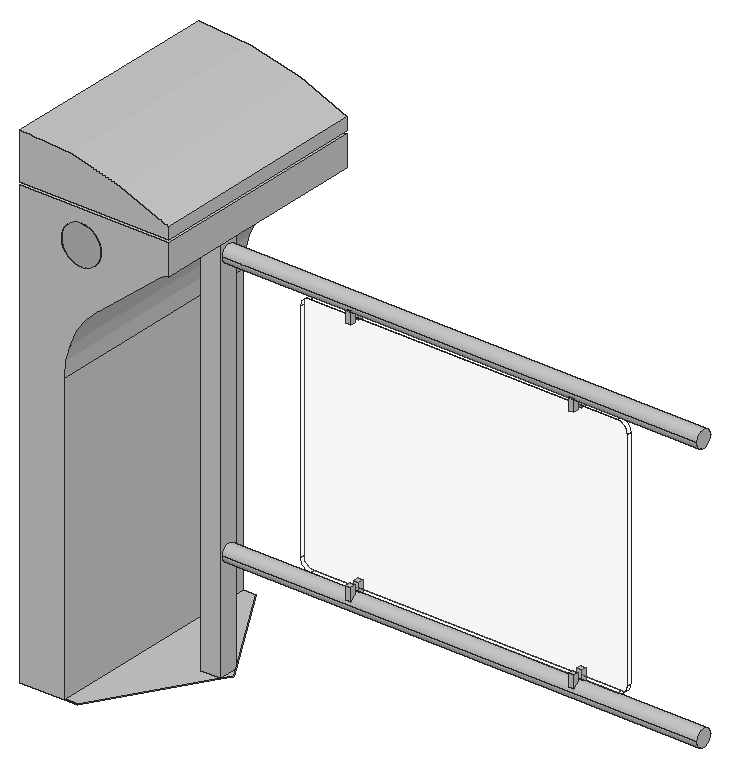
Revit family "CAME_Турникет_Калитка_SALOON_605ДляМГН", category Специальное оборудование, Revit 2019
Family settings
  Размер круглого соединителя = Использовать диаметр
  Тип детали = Нормальный
  На основе рабочей плоскости = Нет
  Всегда вертикально = Да
  При загрузке вырезать с полостями = Нет
  Общий = Нет
  Точка расчета площади = Нет
Parameters
  Описание = "Турникет-калитка для МГН моторизованная. Корпус и преграды - нержавеющая сталь AISI 304. Оснащена платой управления и светодиодными указателями прохода и направления. Сервопозиционный электропривод створки с определением препятствий и автоматической разблокировкой при отключении электроэнергии. Створка 900 мм с информационной вставкой. Время открытия 2.2 сек. Встроенный блок питания."
  Минимальная ширина проема = 1300 mm  # constant formula
  Изготовитель = "CAME"  # constant formula
  Группа модели = "Турникеты"
  r = 33.7 mm / 2  # 16.85 mm
  Watermark [instance] = "Модели защищены уникальным кодом"
  URL = "https://camerussia.com"
  CAME_Тип механизма турникета = "моторизованный"  # constant formula
  CAME_Напряжение электропитания двигателя (В) = 24 V  # constant formula
  CAME_Класс защиты (IP) = "54"  # constant formula
  CAME_Интенсивность использования (%) = "ИНТЕНСИВНОЕ"  # constant formula
  CAME_Диапазон рабочих температур (°C) = "-20 ÷ +68"  # constant formula
  CAME_Время открывания (с) = "1.5"  # constant formula
  BL_Разработано = "support@bimlib.pro"  # constant formula
  BL_Email = "cru.info@came.com"  # constant formula
  BL_BIM library = "https://bimlib.pro/manufacturer/came/cf0b6efe-31e5-4ffa-b7ea-1d6fa84041d4/?tab=products"
  ADSK_Размер_Ширина = 1200 mm  # constant formula
  ADSK_Размер_Глубина = 450 mm  # constant formula
  ADSK_Размер_Высота = 1000 mm  # constant formula
  ADSK_Полная мощность = ADSK_Номинальная мощность / ADSK_Коэффициент мощности  # 67.7083 VA
  ADSK_Обозначение = "ТУ 26.30.50-001-89603926-2021"  # constant formula
  ADSK_Номинальная мощность = 65 W  # constant formula
  ADSK_Напряжение = 230 V  # constant formula
  ADSK_Наименование краткое = "Турникет-калитка МГН SALOON 605"  # constant formula
  ADSK_Наименование = "Турникет-калитка МГН моторизованная SALOON 605"  # constant formula
  ADSK_Масса_Текст = "42"  # constant formula
  ADSK_Масса = 42  # constant formula
  ADSK_Марка = "АРТ:001PSSL605S"  # constant formula
  ADSK_Коэффициент мощности = 0.96
  ADSK_Количество фаз = 1  # constant formula
  ADSK_Количество = 1  # constant formula
  ADSK_Код изделия = "Код КСР 26.30.50.119.61.2.07.09"  # constant formula
  ADSK_Классификация нагрузок = Прочее
  ADSK_Завод-изготовитель = "CAME"  # constant formula
  ADSK_Единица измерения = "шт."  # constant formula
  ADSK_Группирование = "SALOON"  # constant formula
  ADSK_Версия семейства = "1.0"  # constant formula
  ADSK_Версия Revit = "2019"  # constant formula
  ADSK_URL страницы изделия = "https://camerussia.com/product/001pssl605s/"
  ADSK_URL документации изделия = "https://camerussia.com/uploads/support/instructions/files/Инструкция%20STILE-TWISTER-SALOON.pdf"
Reference planes
  plane 1 "По центру (Вперед/Назад)": y = 0
  plane 2: z = 0
  plane 3 "По центру (Влево/Вправо)": x = 0
  plane 4: y = 225
  plane 5: y = -225
  plane 6: z = 1000
  plane 7: x = 1200
  plane 8: x = 300
  plane 9: x = 1300
  plane 10: x = 155
  plane 11: x = 90
  plane 12: z = 905
  plane 13: z = 900
  plane 14: z = 205
  plane 15: z = 780
Forms (mm)
  Extrusion 1, solid, material "CAME_Сталь_Нержавеющая_AISI 304", detail levels fine
    sketch origin (0, 0, 0) x (1, 0, 0) y (0, 0, 1)
      loop
        line (90, 0) -> (90, 582.83)
        arc (90, 582.83) -> (107.451, 661.547) -> (156.534, 725.513) r 186.26
        line (156.534, 725.513) -> (282.633, 831.322)
        arc (282.633, 831.322) -> (290.784, 836.518) -> (300, 839.431) r 37.091
        line (300, 839.431) -> (300, 900) -> (0, 900) -> (0, 0) -> (90, 0)
      loop
        line (300, 905) -> (300, 930)
        arc (300, 930) -> (154.029, 982.268) -> (0, 1000) r 677.857
        line (0, 1000) -> (0, 905) -> (300, 905)
    from -225 to 225
  Extrusion 2, solid, material "CAME_Стекло_Закаленное_Черное", detail levels fine
    sketch origin (866.16, -225, 1200) x (1, 0, 0) y (0, 0, 1)
      loop
        circle (-741.16, -365) r 40
    from 0 to 2
  Extrusion 3, solid, material "CAME_Стекло_Закаленное_Черное", detail levels fine
    sketch origin (-872.529, 225, 1200) x (-1, 0, 0) y (0, 0, 1)
      loop
        circle (-997.529, -365) r 40
    from 0 to 2
  Extrusion 4, solid, material "CAME_Сталь_Нержавеющая_AISI 304", detail levels medium
    sketch origin (0, 0, 0) x (1, 0, 0) y (0, 0, 1)
      loop
        line (0, 0) -> (90, 0) -> (90, 669.684) -> (300, 845.895) -> (300, 930)
        arc (300, 930) -> (154.029, 982.268) -> (0, 1000) r 677.857
        line (0, 1000) -> (0, 0)
    from -225 to 225
  Extrusion 5, solid, material "CAME_Сталь_Нержавеющая_AISI 304", detail levels medium+fine
    sketch origin (0, 0, 0) x (1, 0, 0) y (0, 0, 1)
      loop
        line (240, 795.549) -> (200, 761.985) -> (200, 0) -> (240, 0) -> (240, 795.549)
    from -20 to 20
  Extrusion 6, solid, material "CAME_Сталь_Нержавеющая_AISI 304", detail levels medium+fine
    sketch origin (300, 748.337, 1200) x (0, 1, 0) y (0, 0, 1)
      loop
        circle (-748.337, -436.85) r 16.85
      loop
        circle (-748.337, -978.15) r 16.85
    from -60 to 900
  Extrusion 7, solid, material "CAME_Сталь_Нержавеющая_AISI 304", detail levels medium+fine
    sketch origin (0, 0, 0) x (1, 0, 0) y (0, 1, 0)
      loop
        line (90, -225) -> (116.208, -225) -> (252.077, 0) -> (116.208, 225) -> (90, 225) -> (90, -225)
    from 0 to 2
  Extrusion 8, solid, material "CAME_Стекло_Закаленное", detail levels fine
    sketch origin (0, 0, 0) x (1, 0, 0) y (0, 0, 1)
      loop
        arc (410, 740) -> (395.858, 734.142) -> (390, 720) r 20
        line (390, 720) -> (390, 265)
        arc (390, 265) -> (395.858, 250.858) -> (410, 245) r 20
        line (410, 245) -> (1030, 245)
        arc (1030, 245) -> (1044.142, 250.858) -> (1050, 265) r 20
        line (1050, 265) -> (1050, 720)
        arc (1050, 720) -> (1044.142, 734.142) -> (1030, 740) r 20
        line (1030, 740) -> (410, 740)
    from -5 to 5
  Extrusion 9, solid, material "CAME_Сталь_Нержавеющая_AISI 304", detail levels fine
    sketch origin (300, 748.337, 1200) x (0, 1, 0) y (0, 0, 1)
      loop
        arc (-733.337, -444.526) -> (-737.487, -449.743) -> (-743.337, -452.941) r 16.85
        line (-743.337, -452.941) -> (-743.337, -470) -> (-733.337, -470) -> (-733.337, -444.526)
      loop
        arc (-753.337, -452.941) -> (-759.186, -449.743) -> (-763.337, -444.526) r 16.85
        line (-763.337, -444.526) -> (-763.337, -470) -> (-753.337, -470) -> (-753.337, -452.941)
      loop
        line (-733.337, -970.474) -> (-733.337, -945) -> (-743.337, -945) -> (-743.337, -962.059)
        arc (-743.337, -962.059) -> (-737.487, -965.257) -> (-733.337, -970.474) r 16.85
      loop
        line (-753.337, -962.059) -> (-753.337, -945) -> (-763.337, -945) -> (-763.337, -970.474)
        arc (-763.337, -970.474) -> (-759.186, -965.257) -> (-753.337, -962.059) r 16.85
    from 190 to 200
  Extrusion 10, solid, material "CAME_Сталь_Нержавеющая_AISI 304", detail levels fine
    sketch origin (300, 748.337, 1200) x (0, 1, 0) y (0, 0, 1)
      loop
        line (-763.337, -470) -> (-753.337, -470) -> (-753.337, -452.941)
        arc (-753.337, -452.941) -> (-759.186, -449.743) -> (-763.337, -444.526) r 16.85
        line (-763.337, -444.526) -> (-763.337, -470)
      loop
        line (-733.337, -470) -> (-733.337, -444.526)
        arc (-733.337, -444.526) -> (-737.487, -449.743) -> (-743.337, -452.941) r 16.85
        line (-743.337, -452.941) -> (-743.337, -470) -> (-733.337, -470)
      loop
        arc (-763.337, -970.474) -> (-759.186, -965.257) -> (-753.337, -962.059) r 16.85
        line (-753.337, -962.059) -> (-753.337, -945) -> (-763.337, -945) -> (-763.337, -970.474)
      loop
        line (-733.337, -945) -> (-743.337, -945) -> (-743.337, -962.059)
        arc (-743.337, -962.059) -> (-737.487, -965.257) -> (-733.337, -970.474) r 16.85
        line (-733.337, -970.474) -> (-733.337, -945)
    from 640 to 650
  Extrusion 11, solid, material "CAME_Стекло_Закаленное", detail levels medium
    sketch origin (300, 748.337, 1200) x (0, 1, 0) y (0, 0, 1)
      loop
        arc (-743.337, -452.941) -> (-748.337, -453.7) -> (-753.337, -452.941) r 16.85
        line (-753.337, -452.941) -> (-753.337, -962.059)
        arc (-753.337, -962.059) -> (-748.337, -961.3) -> (-743.337, -962.059) r 16.85
        line (-743.337, -962.059) -> (-743.337, -452.941)
    from 90 to 750
Cuts and joins
  joined: Extrusion 5, Extrusion 7
Lines and regions (mm)
  model lines, style "CAME", detail levels coarse
    curve 1: line (0, 225, 0) -> (300, 225, 0)
    curve 2: line (0, -225, 0) -> (0, 225, 0)
    curve 3: line (300, -225, 0) -> (0, -225, 0)
    curve 4: line (300, 225, 0) -> (300, -225, 0)
    curve 5: line (300, 0, 0) -> (1200, 0, 0)
    curve 6: line (90, -225, 0) -> (90, 225, 0)
Dimensions and locks
  equal spacing: plane 5, plane 1 "По центру (Вперед/Назад)", plane 4
  "ADSK_Размер_Глубина": plane 5 to plane 4
  "ADSK_Размер_Высота": plane 6 to plane 2
  locked: plane 3 "По центру (Влево/Вправо)" to plane 8 at 300
  locked: plane 10 to plane 8 at 145
  locked: plane 6 to Extrusion 2 sketch curve at 165
  locked: Extrusion 2 sketch curve to plane 3 "По центру (Влево/Вправо)" at 125
  locked: plane 11 to plane 3 "По центру (Влево/Вправо)" at 90
  "ADSK_Размер_Ширина": plane 3 "По центру (Влево/Вправо)" to plane 7
  "Минимальная ширина проема": plane 3 "По центру (Влево/Вправо)" to plane 9
  plane 6 to plane 12 to plane 13 = 95 mm locked, 5 mm locked
  locked: plane 15 to plane 14 at 575
  locked: plane 14 to plane 2 at 205
  plane 8 to Extrusion 5 sketch curve to Extrusion 5 sketch curve = 60 mm locked, 40 mm locked
  "r": Extrusion 6 sketch curve to plane 15
  "r": Extrusion 6 sketch curve to plane 14
  locked: Extrusion 8 sketch curve to cut or joined group of Extrusion 5, Extrusion 7 at 150
  locked: Extrusion 8 sketch curve to plane 7 at 150
  locked: plane 15 to Extrusion 8 sketch curve at 40
  locked: Extrusion 8 sketch curve to plane 14 at 40
  "r": radius of Extrusion 6 sketch curve  (x2)
  radius of Extrusion 8 sketch curve = 20 mm  (x4)
  aligned and locked: level to plane 2
  aligned and locked: plane 4 to Extrusion 1
  aligned and locked: plane 5 to Extrusion 1
  aligned and locked: Extrusion 3 sketch curve to Extrusion 2  (x2)
  aligned and locked: plane 2 to Extrusion 1 sketch curve
  aligned and locked: Extrusion 1 sketch curve to plane 11
  aligned and locked: Extrusion 1 to Extrusion 4 sketch curve  (x2)
  aligned and locked: Extrusion 4 sketch curve to Extrusion 1  (x3)
  aligned and locked: plane 4 to Extrusion 4
  aligned and locked: plane 5 to Extrusion 4
  aligned and locked: Extrusion 1 to Extrusion 5 sketch curve
  aligned and locked: plane 2 to Extrusion 5 sketch curve
  aligned and locked: plane 1 "По центру (Вперед/Назад)" to Extrusion 6 sketch curve  (x2)
  aligned and locked: plane 7 to Extrusion 6
  aligned and locked: Extrusion 6 to Extrusion 5
  aligned and locked: Extrusion 7 sketch curve to plane 4
  aligned and locked: Extrusion 7 sketch curve to plane 11
  aligned and locked: plane 5 to Extrusion 7 sketch curve
  aligned and locked: Extrusion 8 to Extrusion 9 sketch curve
  aligned and locked: Extrusion 9 sketch curve to Extrusion 8
  aligned and locked: Extrusion 10 sketch curve to Extrusion 9  (x16)
  aligned and locked: Extrusion 11 sketch curve to Extrusion 8  (x2)
  aligned and locked: Extrusion 4 sketch curve to plane 3 "По центру (Влево/Вправо)"
  aligned and locked: Extrusion 1 sketch curve to plane 3 "По центру (Влево/Вправо)"  (x2)
  aligned and locked: curve 6 to plane 11
Automatic sketch dimensions
  Extrusion 9 sketch curve to Extrusion 9 sketch curve = 0 mm  (x4)
  Extrusion 9 sketch curve to plane 1 "По центру (Вперед/Назад)" = 0 mm
  Extrusion 9 sketch curve to Extrusion 9 sketch curve = 10 mm  (x3)
  plane 1 "По центру (Вперед/Назад)" to Extrusion 9 sketch curve = 15 mm
  plane 1 "По центру (Вперед/Назад)" to Extrusion 9 sketch curve = 5 mm
  Extrusion 9 sketch curve to plane 1 "По центру (Вперед/Назад)" = 5 mm
  Extrusion 9 sketch curve to Extrusion 9 sketch curve = 17.059 mm  (x3)
  plane 14 to Extrusion 9 sketch curve = 50 mm
  Extrusion 9 sketch curve to Extrusion 9 sketch curve = 8.415 mm
  curve 3 to plane 3 "По центру (Влево/Вправо)" = 0 mm
  curve 6 to plane 4 = 0 mm
  plane 5 to curve 4 = 0 mm
  curve 4 to plane 8 = 0 mm
  plane 1 "По центру (Вперед/Назад)" to curve 5 = 0 mm
  curve 5 to plane 7 = 0 mm
  Extrusion 1 sketch curve to plane 8 = 0 mm  (x2)
  Extrusion 1 sketch curve to plane 13 = 0 mm
  Extrusion 1 sketch curve to plane 12 = 0 mm
  Extrusion 1 sketch curve to plane 6 = 0 mm
  Extrusion 1 sketch curve to plane 10 = 1.534 mm
  Extrusion 1 sketch curve to plane 8 = 23.74 mm
  Extrusion 1 sketch curve to plane 8 = 17.367 mm
  plane 8 to Extrusion 1 sketch curve = 6.474 mm
  plane 14 to Extrusion 1 sketch curve = 117.143 mm
  plane 15 to Extrusion 1 sketch curve = 197.17 mm
  Extrusion 1 sketch curve to plane 15 = 22.909 mm
  Extrusion 1 sketch curve to Extrusion 1 sketch curve = 28.413 mm
  plane 1 "По центру (Вперед/Назад)" to Extrusion 7 sketch curve = 0 mm
  Extrusion 7 sketch curve to Extrusion 7 sketch curve = 26.208 mm  (x2)
  Extrusion 7 sketch curve to plane 8 = 47.923 mm
  radius of Extrusion 2 sketch curve = 40 mm
Connectors
  electrical at (45, 0, 0), driven by "ADSK_Количество фаз", driven by "ADSK_Классификация нагрузок", driven by "ADSK_Напряжение", driven by "ADSK_Полная мощность", driven by "ADSK_Коэффициент мощности"
    settings: on Extrusion 1, index 1, voltage 230 V, apparent load 0 VA, apparent load phase1 67.7083 VA, apparent load phase2 0 VA, apparent load phase3 0 VA, power factor 0.96, load classification "Прочее", number of poles 1, system type 31, power factor state 1, is connector primary yes, connector utility no, sub classification motor no, connector description ""
